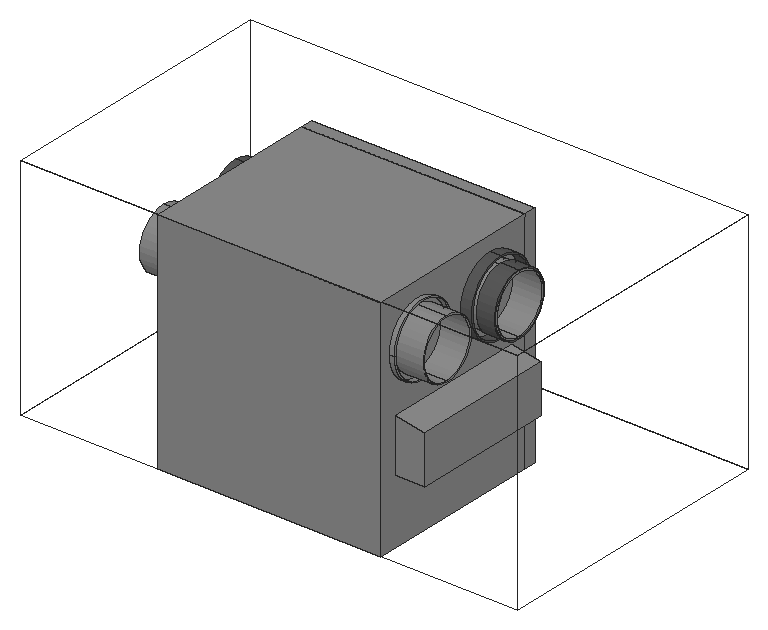
Revit family "Broan®_AI_Series™-Energy_Recovery_Ventilator_(ERV)-Side_Port", category Mechanical Equipment, Revit 2019
Family settings
  Round Connector Dimension = Use Diameter
  Classification = None
  Part Type = Normal
  Work Plane-Based = Yes
  Always vertical = No
  Cut with Voids When Loaded = No
  Shared = No
  Room Calculation Point = No
Parameters (values of type "Broan®_AI_Series™-160_CFM-Energy_Recovery_Ventilator_(ERV)-Side_Port-75%_eff")
  c Vent Height = (Width - c Width) / 2  # 2.515"
  c Top Clearance = 0.00"  # constant formula
  c Right Clrearance = c Left Clearance  # 9.00"
  c Offset vent side = (Length - 1.00") / 4  # 3.785"
  c MC width = Length - 4.00"  # 12.14"
  c Left Clearance = if(c Constraints > 2, 9.00", 8.00")  # 9.00"
  c Gen Diameter = if(c Constraints > 2, 6.00", 5.00")  # 6.00"
  c Front Clearance = 8.00"  # constant formula
  c Constraints = 4
  c Back Clearance = 0.00"  # constant formula
  Width = 23.78"  # constant formula
  Voltage = 120 V
  Version = ""
  URL = "https://www.broan-nutone.com/"
  Support Phone = "(224) 699-9545"  # constant formula
  Support Email = "mailto:support@anguleris.com"
  Supply Air Connection Diameter = c Gen Diameter  # 6"
  Return Air Connection Diameter = c Gen Diameter  # 6"
  Requirements and Standards = "UL 1812\r\nCSA F326\r\nCSA C439\r\nROHS 2015/863\r\nProp 65"
  Product Page URL = "https://www.broan-nutone.com/en-us/product/freshairsystems/b160e75rs"
  Product Name = "Broan® AI Series™ 160 CFM Energy Recovery Ventilator (ERV)"
  Product Documentation Link = "https://www.broan-nutone.com/getmedia/e18839d8-320c-4dbb-82f4-3f5240d65343/Spec-Sheet-B160E75.pdf?ext=.pdf"
  Power Factor = 0
  Phase = 1
  Operating Weight = 37.00 lbf  # constant formula
  Number of Poles = 1
  Noise = 73.2
  Model = "B160E75RS"
  Manufacturer Phone Number = "800-558-1711"  # constant formula
  Manufacturer Contact Information = "mailto:info@broan-nutone.com"
  Manufacturer Address = "\"926 W State St, Hartford, WI 53027\""
  Manufacturer = "Broan"  # constant formula
  Length = 16.14"  # constant formula
  Height = 19.12"  # constant formula
  Frequency = 60 Hz
  Fan Wattage = 163 W
  Exhaust Air Connection Diameter = c Gen Diameter  # 6"
  Default Elevation = 0.00"
  Copyright = "\"Copyright © 2021 Broan-NuTone, LLC. All Rights Reserved\""
  c Width = 18.75"
  Clearance [instance] = yes
  Air Volume = if(c Constraints = 1, 130 CFM, if(c Constraints = 2, 150 CFM, 160 CFM))  # 160 CFM
Types (4): name | c Right Clrearance | c Left Clearance | c Gen Diameter | c Constraints | Supply Air Connection Diameter | Return Air Connection Diameter | Product Page URL | Product Name | Product Documentation Link | Noise | Model | Fan Wattage | Exhaust Air Connection Diameter | Air Volume
  Broan®_AI_Series™-130_CFM-Energy_Recovery_Ventilator_(ERV)-Side_Port-65%_eff | 8.00" | 8.00" | 5.00" | 1 | 5" | 5" | "https://www.broan-nutone.com/en-us/product/freshairsystems/b130e65rs" | "Broan® AI Series™ 130 CFM Energy Recovery Ventilator (ERV)" | "https://www.broan-nutone.com/getmedia/b7fa97a7-b1a4-4b26-badf-aba9305000d4/Spec-Sheet-B130E65.pdf?ext=.pdf" | 70 | "B130E65RS" | 110 W | 5" | 130 CFM
  Broan®_AI_Series™-150_CFM-Energy_Recovery_Ventilator_(ERV)-Side_Port-75%_eff | 8.00" | 8.00" | 5.00" | 2 | 5" | 5" | "https://www.broan-nutone.com/en-us/product/freshairsystems/b150e75ns" | "Broan® AI Series™ 150 CFM Energy Recovery Ventilator (ERV)" | "https://www.broan-nutone.com/getmedia/36d3e3e3-350c-4d35-80b6-240504529a3e/Spec-Sheet-B150E75.pdf?ext=.pdf" | 73.2 | "B150E75NS" | 163 W | 5" | 150 CFM
  Broan®_AI_Series™-160_CFM-Energy_Recovery_Ventilator_(ERV)-Side_Port-65%_eff | 9.00" | 9.00" | 6.00" | 3 | 6" | 6" | "https://www.broan-nutone.com/en-us/product/freshairsystems/b160e65rs" | "Broan® AI Series™ 160 CFM Energy Recovery Ventilator (ERV)" | "https://www.broan-nutone.com/getmedia/e8599d57-3780-4656-a5d2-1cf3644ed073/Spec-Sheet-B160E65.pdf?ext=.pdf" | 73.2 | "B160E65RS" | 163 W | 6" | 160 CFM
  Broan®_AI_Series™-160_CFM-Energy_Recovery_Ventilator_(ERV)-Side_Port-75%_eff | 9.00" | 9.00" | 6.00" | 4 | 6" | 6" | "https://www.broan-nutone.com/en-us/product/freshairsystems/b160e75rs" | "Broan® AI Series™ 160 CFM Energy Recovery Ventilator (ERV)" | "https://www.broan-nutone.com/getmedia/e18839d8-320c-4dbb-82f4-3f5240d65343/Spec-Sheet-B160E75.pdf?ext=.pdf" | 73.2 | "B160E75RS" | 163 W | 6" | 160 CFM
Reference planes (in)
  plane 1 "Center (Front/Back)": y = 0
  plane 2: z = 0
  plane 3 "Center (Left/Right)": x = 0
  plane 4: y = 8.57
  plane 5: x = 11.89
  plane 6: y = -7.57
  plane 7: x = -11.89
  plane 8: z = 19.12
  plane 9: y = 7.57
  plane 10: x = 9.375
  plane 11: x = -9.375
  plane 12: y = 16.57
  plane 13: x = 20.89
  plane 14: y = -7.57
  plane 15: x = -20.89
  plane 16: z = 14.87
  plane 17: y = 3.785
  plane 18: y = -3.785
  plane 19: z = 5.5
  plane 20: z = 19.12
Forms (in)
  Extrusion 1, solid, material "Metal - Broan NuTone - Gray"
    sketch origin (0, 0, 0) x (1, 0, 0) y (0, 1, 0)
      loop
        line (9.375, 7.57) -> (-9.375, 7.57) -> (-9.375, -7.57) -> (9.375, -7.57) -> (9.375, 7.57)
    from 0 to 19.12
  Extrusion 2, solid, material "Clearances - Broan NuTone", visible <- "Clearance"
    sketch origin (0, 0, 0) x (1, 0, 0) y (0, 1, 0)
      loop
        line (-20.89, 16.57) -> (-20.89, -7.57) -> (20.89, -7.57) -> (20.89, 16.57) -> (-20.89, 16.57)
    from 0 to 19.12
  Extrusion 3, solid, material "Metal - Broan NuTone - Gray"
    sketch origin (0, 3, 0) x (1, 0, 0) y (0, 1, 0)
      loop
        line (9.375, 5.57) -> (-9.375, 5.57) -> (-9.375, 4.57) -> (9.375, 4.57) -> (9.375, 5.57)
    from 0 to 19.12
Dimensions and locks (in)
  equal spacing: plane 7, plane 3 "Center (Left/Right)", plane 5
  "Height": plane 8 to level
  "Width": plane 7 to plane 5
  "Length": plane 6 to plane 4
  plane 4 to plane 9 = 1.00"
  "c Back Clearance": plane 14 to plane 6
  "c Left Clearance": plane 15 to plane 7
  "c Right Clrearance": plane 5 to plane 13
  "c Front Clearance": plane 12 to plane 4
  equal spacing: plane 11, plane 3 "Center (Left/Right)", plane 10
  "c Width": plane 11 to plane 10
  plane 16 to level = 14.87"
  equal spacing: plane 9, plane 17, plane 1 "Center (Front/Back)"
  equal spacing: plane 1 "Center (Front/Back)", plane 18, plane 6
  locked: plane 16 to plane 8 at 4.25
  equal spacing: plane 6, plane 18, plane 1 "Center (Front/Back)"
  "c Offset vent side": plane 1 "Center (Front/Back)" to plane 17
  plane 19 to level = 5.50"
  "c Top Clearance": plane 20 to plane 8
  aligned and locked: plane 2 to level
  aligned and locked: Extrusion 1 sketch curve to plane 11
  aligned and locked: plane 9 to Extrusion 1 sketch curve
  aligned and locked: plane 10 to Extrusion 1 sketch curve
  aligned and locked: plane 6 to Extrusion 1 sketch curve
  aligned and locked: plane 8 to Extrusion 1
  aligned and locked: plane 17 to nested 2
  aligned and locked: nested 1 to plane 18
  aligned and locked: plane 18 to nested 3
  aligned and locked: nested 4 to plane 17
  aligned and locked: nested 4 to plane 16
  aligned and locked: nested 2 to plane 16
  aligned and locked: nested 1 to plane 16
  aligned and locked: nested 3 to plane 16
  aligned and locked: nested 5 to plane 10
  aligned and locked: nested 5 to plane 19
  aligned and locked: plane 1 "Center (Front/Back)" to nested 5
  aligned and locked: Extrusion 2 sketch curve to plane 13
  aligned and locked: plane 14 to Extrusion 2 sketch curve
  aligned and locked: plane 15 to Extrusion 2 sketch curve
  aligned and locked: Extrusion 2 sketch curve to plane 12
  aligned and locked: plane 20 to Extrusion 2
  aligned and locked: plane 4 to Extrusion 3 sketch curve
  aligned and locked: Extrusion 3 sketch curve to plane 9
  aligned and locked: Extrusion 3 to plane 11
  aligned and locked: plane 10 to Extrusion 3
  aligned and locked: plane 8 to Extrusion 3
Automatic sketch dimensions
  Extrusion 3 sketch curve to plane 11 = 0.00"
  plane 10 to Extrusion 3 sketch curve = 0.00"
Nested families (in)
  nested 1: "Vent" at (9.375, -3.785, 14.87) x (0, 1, 0) z (1, 0, 0), type "Vent"
    with S Border yes, Border visibility no
  nested 2: "Vent" at (9.375, 3.785, 14.87) x (0, 1, 0) z (1, 0, 0), type "Vent"
    with S Border no, Border visibility yes
  nested 3: "Vent" at (-9.375, -3.785, 14.87) x (0, -1, 0) z (-1, 0, 0), type "Vent"
    with S Border yes, Border visibility no
  nested 4: "Vent" at (-9.375, 3.785, 14.87) x (0, -1, 0) z (-1, 0, 0), type "Vent"
    with S Border no, Border visibility yes
  nested 5: "MC" at (9.375, 6.07, 5.5) x (0, -1, 0) z (0, 0, 1), Width <- "c MC width", type "MC"
    with Width 12.14", Offset 0.4527"
Connectors (in)
  hvac at (11.89, 3.785, 14.87), driven by "Air Volume", driven by "c Gen Diameter"
    settings: on nested 2, index 1, duct flow 160 CFM, flow factor 0, pres drop 0.00 in-wg, loss coef 0, conn angle 0.00°, conn width 12", conn height 12", conn diameter 6", duct sys type 2, conn prof type 0, flow config 0, flow direction 0, loss method 0, conn ref index -1, conn util no, is conn primary yes, conn desc "Fresh air from outside"
  hvac at (11.89, -3.785, 14.87), driven by "Air Volume", driven by "c Gen Diameter"
    settings: on nested 1, index 2, duct flow 160 CFM, flow factor 0, pres drop 0.00 in-wg, loss coef 0, conn angle 0.00°, conn width 12", conn height 12", conn diameter 6", duct sys type 3, conn prof type 0, flow config 0, flow direction 0, loss method 0, conn ref index -1, conn util no, is conn primary no, conn desc "Exhaust air from building"
  hvac at (-11.89, -3.785, 14.87), driven by "Air Volume", driven by "c Gen Diameter"
    settings: on nested 3, index 3, duct flow 160 CFM, flow factor 0, pres drop 0.00 in-wg, loss coef 0, conn angle 0.00°, conn width 12", conn height 12", conn diameter 6", duct sys type 1, conn prof type 0, flow config 0, flow direction 0, loss method 0, conn ref index -1, conn util no, is conn primary no, conn desc "Fresh air to building"
  hvac at (-11.89, 3.785, 14.87), driven by "Air Volume", driven by "c Gen Diameter"
    settings: on nested 4, index 4, duct flow 160 CFM, flow factor 0, pres drop 0.00 in-wg, loss coef 0, conn angle 0.00°, conn width 12", conn height 12", conn diameter 6", duct sys type 3, conn prof type 0, flow config 0, flow direction 0, loss method 0, conn ref index -1, conn util no, is conn primary no, conn desc "Exhaust air to outside"
  electrical at (10.6325, 6.07, 7.65032), driven by "Voltage", driven by "Power Factor"
    settings: on nested 5, index 5, voltage 120 V, apparent load 0 VA, apparent load phase1 0 VA, apparent load phase2 0 VA, apparent load phase3 0 VA, power factor 0, load classification "Power", number of poles 1, system type 31, power factor state 1, is connector primary yes, connector utility no, sub classification motor no, connector description ""
Definition of nested family "Vent"
  Parameters (values of type "Vent")
    Width = 0.10"
    Vent Material = none
    Upper border width = 0.10"
    Upper Border Height = 1.5 * Border Height  # 1.509"
    S Border [instance] = no
    Radius = Diameter / 2  # 2.50"
    Height = 2.515"
    Diameter = 5.00"
    Default Elevation = 48.00"
    Border visibility [instance] = not(S Border)  # yes
    Border Width = Width  # 0.10"
    Border Material = none
    Border Height = Height / 2.5  # 1.006"
    Border = Diameter / 8  # 0.625"
  Reference planes (in)
    plane 1 "Center (Front/Back)": y = 0
    plane 2: z = 0
    plane 3 "Center (Left/Right)": x = 0
    plane 4: y = 3.125
    plane 5: y = 2.5
    plane 6: z = 2.515
    plane 7: z = 1.006
    plane 8: y = 2.4
    plane 9: z = 1.006
    plane 10: x = -2.5
    plane 11: x = 2.5
  Forms (in)
    Revolve 1, solid, material <- "Vent Material", detail levels coarse
      sketch origin (0, 0, 0) x (0, 1, 0) y (0, 0, 1)
        loop
          line (0, 2.515) -> (0, 0) -> (2.5, 0) -> (2.5, 2.515) -> (0, 2.515)
        axis (0, 2.515) -> (0, 0)
      angle from 0 to 360
    Revolve 2, solid, material <- "Vent Material", detail levels medium+fine
      sketch origin (0, 0, 0) x (0, 1, 0) y (0, 0, 1)
        loop
          line (2.4, 2.515) -> (2.4, 0) -> (2.5, 0) -> (2.5, 2.515) -> (2.4, 2.515)
        axis (0, 2.515) -> (0, 0)
      angle from 0 to 360
    Revolve 3, solid, material <- "Border Material", visible <- "Border visibility", detail levels medium+fine
      sketch origin (0, 0, 0) x (0, 1, 0) y (0, 0, 1)
        loop
          line (3.125, 1.006) -> (3.025, 1.006) -> (3.025, 0) -> (3.125, 0) -> (3.125, 1.006)
        axis (0, 1.006) -> (0, 0)
      angle from 0 to 360
    Revolve 4, solid, material <- "Border Material", visible <- "Border visibility", detail levels medium+fine
      sketch origin (0, 0, 0) x (0, 1, 0) y (0, 0, 1)
        loop
          line (2.5, 2.515) -> (2.5, 1.006) -> (2.6, 1.006) -> (2.6, 2.515) -> (2.5, 2.515)
        axis (0, 2.515) -> (0, 1.006)
      angle from 0 to 360
    Revolve 5, solid, material <- "Vent Material", visible <- "S Border", detail levels medium+fine
      sketch origin (0, 0, 0) x (1, 0, 0) y (0, 0, 1)
        loop
          line (-2.9, 0) -> (-2.9, 0.5) -> (-3.00488, 0.5) -> (-3.00488, 0) -> (-2.9, 0)
        axis (0, 0.5) -> (0, 0)
      angle from 0 to 360
  Dimensions and locks (in)
    "Radius": plane 5 to plane 1 "Center (Front/Back)"
    "Border": plane 4 to plane 5
    "Border Height": plane 7 to level
    "Height": plane 6 to level
    "Width": plane 5 to plane 8
    "Border Width": plane 4 to Revolve 3 sketch curve
    "Upper border width": Revolve 4 sketch curve to Revolve 4 sketch curve
    "Upper Border Height": plane 6 to plane 9
    equal spacing: plane 11, plane 3 "Center (Left/Right)", plane 10
    "Diameter": plane 11 to plane 10
    plane 10 to Revolve 5 sketch curve to Revolve 5 sketch curve = 0.40", 0.10488" locked
    locked: Revolve 5 sketch curve to level at 0.5
    aligned and locked: plane 2 to level
    aligned and locked: Revolve 1 sketch curve to Revolve 1 sketch curve
    aligned and locked: plane 6 to Revolve 1 sketch curve
    aligned and locked: Revolve 1 sketch curve to plane 5
    aligned and locked: Revolve 2 sketch curve to plane 6
    aligned and locked: level to Revolve 2 sketch curve
    aligned and locked: Revolve 2 sketch curve to plane 8
    aligned and locked: plane 5 to Revolve 2 sketch curve
    aligned and locked: Revolve 3 sketch curve to plane 4
    aligned and locked: plane 7 to Revolve 3 sketch curve
    aligned and locked: Revolve 3 sketch curve to level
    aligned and locked: Revolve 4 sketch curve to plane 5
    aligned and locked: Revolve 4 sketch curve to plane 9
  Automatic sketch dimensions
    Revolve 1 sketch curve to plane 1 "Center (Front/Back)" = 0.00"
    Revolve 1 sketch curve to level = 0.00"
    Revolve 1 sketch curve to level = 24.00"
    plane 6 to Revolve 1 sketch curve = 79.96332"
    Revolve 5 sketch curve to level = 0.00"
    Revolve 5 sketch curve to plane 3 "Center (Left/Right)" = 0.00"
    Revolve 5 sketch curve to level = 24.00"
    plane 6 to Revolve 5 sketch curve = 100.20382"
    Revolve 3 sketch curve to plane 1 "Center (Front/Back)" = 0.00"
    Revolve 3 sketch curve to level = 24.00"
    plane 6 to Revolve 3 sketch curve = 79.96332"
    Revolve 4 sketch curve to plane 1 "Center (Front/Back)" = 0.00"
    Revolve 4 sketch curve to plane 6 = 0.00"
    Revolve 4 sketch curve to level = 24.00"
    plane 6 to Revolve 4 sketch curve = 79.96332"
Definition of nested family "MC"
  Parameters (values of type "MC")
    Width [instance] = 18.51858"
    Screen = none
    Offset [instance] = Height / 10  # 0.4527"
    Material = none
    Height = 1.8 * Depth  # 4.527"
    Depth = 2.515"
    Connector = none
  Reference planes (in)
    plane 1 "Center (Front/Back)": y = 0
    plane 2: z = 0
    plane 3 "Center (Left/Right)": x = 0
    plane 4: y = 2.515
    plane 5: x = 18.51858
    plane 6: z = 4.527
    plane 7: z = 4.0743
    plane 8: x = 9.25929
  Forms (in)
    Extrusion 1, solid, material <- "Material"
      sketch origin (0, 0, 0) x (0, 1, 0) y (0, 0, 1)
        loop
          line (0, 0) -> (2.515, 0) -> (2.515, 4.0743) -> (0, 4.527) -> (0, 0)
      from 0 to 18.51858
    Extrusion 2, solid, material <- "Screen", detail levels medium+fine
      sketch origin (0, 0, 0) x (0, 1, 0) y (0, 0, 1)
        loop
          line (0.6, 3.43791) -> (0.6, 1.93791) -> (1.915, 1.93791) -> (1.915, 3.43791) -> (0.6, 3.43791)
      from -0.01 to 0
    Extrusion 3, solid, material <- "Connector", detail levels medium+fine
      sketch origin (0, 0, -1) x (0, 1, 0) y (0, 0, 1)
        loop
          line (0.725, 2.08758) -> (0.725, 2.30151)
          arc (0.725, 2.30151) -> (0.6, 2.42651) -> (0.475, 2.30151) r 0.125
          line (0.475, 2.30151) -> (0.475, 2.08758)
          arc (0.475, 2.08758) -> (0.6, 1.96258) -> (0.725, 2.08758) r 0.125
        loop
          arc (1.79, 2.19695) -> (1.915, 2.07195) -> (2.04, 2.19695) r 0.125
          line (2.04, 2.19695) -> (2.04, 2.30151)
          arc (2.04, 2.30151) -> (1.915, 2.42651) -> (1.79, 2.30151) r 0.125
          line (1.79, 2.30151) -> (1.79, 2.19695)
      from -0.01 to 0
  Dimensions and locks (in)
    "Depth": plane 1 "Center (Front/Back)" to plane 4
    "Width": plane 3 "Center (Left/Right)" to plane 5
    "Height": plane 6 to level
    "Offset": plane 6 to plane 7
    equal spacing: plane 5, plane 8, plane 3 "Center (Left/Right)"
    Extrusion 2 sketch curve to plane 1 "Center (Front/Back)" = 0.60"
    plane 4 to Extrusion 2 sketch curve = 0.60"
    Extrusion 2 sketch curve to Extrusion 2 sketch curve to level = 1.50" locked, 1.93791" locked
    aligned and locked: plane 2 to level
    aligned and locked: Extrusion 1 sketch curve to plane 1 "Center (Front/Back)"
    aligned and locked: Extrusion 1 sketch curve to plane 4
    aligned and locked: level to Extrusion 1 sketch curve
    aligned and locked: plane 7 to Extrusion 1 sketch curve
    aligned and locked: plane 6 to Extrusion 1 sketch curve
    aligned and locked: plane 5 to Extrusion 1
    aligned and locked: Extrusion 1 to plane 3 "Center (Left/Right)"
    aligned and locked: plane 3 "Center (Left/Right)" to Extrusion 2
  Automatic sketch dimensions
    Extrusion 3 sketch curve to plane 1 "Center (Front/Back)" = 0.475"
    Extrusion 3 sketch curve to Extrusion 3 sketch curve = 0.125"  (x2)
    Extrusion 3 sketch curve to plane 4 = 0.725"
    level to Extrusion 3 sketch curve = 1.08758"
    level to Extrusion 3 sketch curve = 1.19695"
    Extrusion 3 sketch curve to Extrusion 3 sketch curve = 0.10456"
    Extrusion 3 sketch curve to Extrusion 3 sketch curve = 0.21393"
